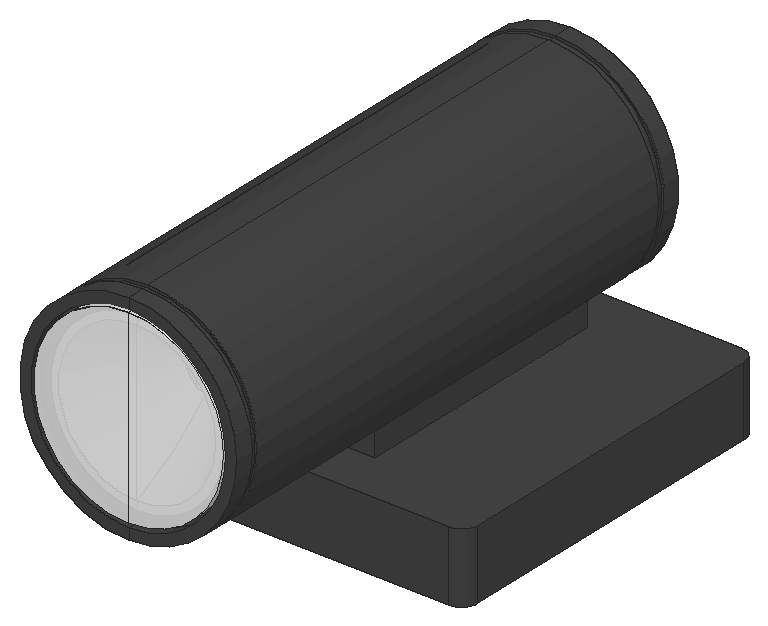
Revit family "AFX-Beverly-Outdoor_Sconce-1", category Lighting Fixtures, host Face, Revit 2021
Family settings
  Host = Face
  Round Connector Dimension = Use Diameter
  Part Type = Normal
  Cut with Voids When Loaded = No
  Light Source = Yes
  Shared = No
  Room Calculation Point = No
Parameters (values of type "BVYW0406LAJUDBK")
  Width = 4 1/8"
  Wattage Comments = "10w"
  Wattage = 9.2903 W
  built-in parameter 1150110 = 1 (stored number, unit not read)
  Voltage = 120 V
  URL = "https://www.afxinc.com/"
  Type Comments = "Beverly"  # constant formula
  built-in parameter 1114217 = 1 (stored number, unit not read)
  Tilt Angle = -90.00°
  built-in parameter 1150109 = 1 (stored number, unit not read)
  built-in parameter 1150134 = 3
  Sustainability = "https://lamprecycle.org/en/"
  built-in parameter 1150113 = 1 (stored number, unit not read)
  Screen Finish [instance] = AFX - Acrylic
  Revit Model Built By = "https://www.servex-us.com/servex-revit/"
  Product Documentation Link = "https://www.afxinc.com/products/productDetail.cfm?productID=2408"
  Power Factor = 1
  Photometric Web File = "BVYW0406LAJUDBK_3000K_IES.IES"
  built-in parameter 1150142 = "IESNA:LM-63-2002\r\n[TEST] LCZP23110085\r\n[TESTLAB] LCTECH 231117106001\r\n[TESTDATE] 2023/11/23\r\n[ISSUEDATE] 2023/11/23\r\n[MANUFAC] AFX\r\n[LUMCAT] BVYW0406LAJUD**\r\n[LUMINAIRE] LED µÆ??\r\n[LAMPCAT] \r\n[LAMP] \r\n[LumELE] 120 0.084 9.87 0.9757\r\nTILT=NONE\r\n1 651.07 1 37 7 1 2 -0.045 -0.045 0\r\n1 1 9.87\r\n0.00 5.00 10.00 15.00 20.00 25.00 30.00 35.00 40.00 45.00 50.00 55.00 60.00 65.00 70.00 75.00 80.00 85.00 90.00 95.00 100.00 105.00 110.00 115.00 120.00 125.00 130.00 135.00 140.00 145.00 150.00 155.00 160.00 165.00 170.00 175.00 180.00\r\n0.00 15.00 30.00 45.00 60.00 75.00 90.00\r\n955.087 905.702 791.073 650.619 536.897 430.423 330.746 221.555 110.551 43.949 14.045 9.515 7.702 4.984 4.531 3.172 2.265 0.906 0.00 0.00 0.00 0.00 0.00 0.00 0.00 0.00 0.00 0.00 0.00 0.906 0.906 1.359 2.265 2.265 2.265 2.718 1.346\r\n955.087 904.973 786.869 649.592 532.631 428.764 327.609 220.359 110.175 42.667 13.548 9.259 6.55 5.195 4.291 3.388 2.258 0.903 0.00 0.00 0.00 0.00 0.00 0.00 0.00 0.00 0.00 0.00 0.00 0.903 0.903 1.355 2.258 2.258 2.484 2.709 1.346\r\n955.087 905.866 756.823 646.954 531.507 429.404 330.008 219.094 106.379 40.422 13.331 9.49 7.006 5.199 4.293 3.392 2.034 0.679 0.00 0.00 0.00 0.00 0.00 0.00 0.00 0.00 0.00 0.00 0.00 0.679 0.904 1.355 2.259 2.259 2.259 2.711 1.346\r\n955.087 903.803 786.093 647.443 529.28 429.138 307.044 214.424 103.269 35.767 13.053 9.228 6.754 5.404 4.277 3.601 2.027 0.90 0.00 0.00 0.00 0.00 0.00 0.00 0.00 0.00 0.00 0.00 0.00 0.90 0.90 1.35 2.251 2.251 2.251 2.701 1.346\r\n955.087 901.934 781.431 645.634 528.02 433.084 330.09 216.728 105.894 31.844 11.889 8.98 6.287 4.715 4.043 3.368 1.795 0.675 0.00 0.00 0.00 0.00 0.00 0.00 0.00 0.00 0.00 0.00 0.00 0.672 0.898 1.347 2.244 2.244 2.244 2.693 1.346\r\n955.087 901.13 780.031 644.489 531.618 434.436 330.327 219.063 106.558 27.898 12.51 8.71 6.035 4.474 4.247 3.128 1.567 0.447 0.00 0.00 0.00 0.00 0.00 0.00 0.00 0.00 0.00 0.00 0.00 0.667 1.114 1.34 2.234 2.234 2.234 2.681 1.346\r\n955.087 902.027 769.595 634.532 528.411 436.323 333.71 223.643 101.736 26.749 12.278 8.332 5.701 4.385 3.947 3.07 1.754 0.439 0.00 0.00 0.00 0.00 0.00 0.00 0.00 0.00 0.00 0.00 0.00 0.877 0.877 1.316 2.193 2.193 2.193 2.631 1.346\r\n"
  Model = "BVYW0406LAJUDBK"
  Manufacturer = "AFX Inc"  # constant formula
  built-in parameter 1150105 = 109.82 (stored number, unit not read)
  Lumens = 1380 lm
  built-in parameter 1150115 = 1 (stored number, unit not read)
  built-in parameter 1150137 = (empty or 0)
  built-in parameter 1150139 = (empty or 0)
  built-in parameter 1150112 = 1 (stored number, unit not read)
  built-in parameter 1150114 = 1 (stored number, unit not read)
  Keynote = "12500"  # constant formula
  built-in parameter 1150132 = (empty or 0)
  built-in parameter 1150102 = (empty or 0)
  built-in parameter 1150107 = 3200 (stored number, unit not read)
  built-in parameter 1150138 = (empty or 0)
  built-in parameter 1150106 = 1.0982 (stored number, unit not read)
  Housing Finish = AFX - Paint Finish Black
  Height = 6 1/4"
  H-F = if(and(Height = 6 1/4"), 4 1/4", 4 7/8")  # 4 1/4"
  H-B = if(and(Height = 6 1/4"), 2", 5 1/8")  # 2"
  Emit from Circle Diameter = 2"
  Emit Shape Visible in Rendering = no
  built-in parameter 1150104 = 13.8 (stored number, unit not read)
  Distance-L = if(and(Height = 6 1/4"), 3 13/16", 0")  # 3 13/16"
  Dimming Lamp Color Temperature Shift = <None>
  Diffuser Finish [instance] = AFX - Aluminum
  Description = "LED Outdoor Sconce  - 4 1/8\"W x 3 1/2\"D x 6 1/4\"H"
  Depth = 3 1/2"
  Default Elevation = 48"
  Colour Rendering Index = "90"
  Color Filter = 16777215
  Body Finish [instance] = AFX - Paint Finish Black
  built-in parameter 1114218 = 1 (stored number, unit not read)
  built-in parameter 1150133 = 10 (stored number, unit not read)
  Assembly Code = "D5020200"
  Apparent Load = 0 VA
Types (2): name | Wattage Comments | Product Documentation Link | Photometric Web File | built-in parameter 1150142 | Model | Height | H-F | H-B | Distance-L | Description
  BVYW0406LAJUDBK | "10w" | "https://www.afxinc.com/products/productDetail.cfm?productID=2408" | "BVYW0406LAJUDBK_3000K_IES.IES" | "IESNA:LM-63-2002\r\n[TEST] LCZP23110085\r\n[TESTLAB] LCTECH 231117106001\r\n[TESTDATE] 2023/11/23\r\n[ISSUEDATE] 2023/11/23\r\n[MANUFAC] AFX\r\n[LUMCAT] BVYW0406LAJUD**\r\n[LUMINAIRE] LED µÆ??\r\n[LAMPCAT] \r\n[LAMP] \r\n[LumELE] 120 0.084 9.87 0.9757\r\nTILT=NONE\r\n1 651.07 1 37 7 1 2 -0.045 -0.045 0\r\n1 1 9.87\r\n0.00 5.00 10.00 15.00 20.00 25.00 30.00 35.00 40.00 45.00 50.00 55.00 60.00 65.00 70.00 75.00 80.00 85.00 90.00 95.00 100.00 105.00 110.00 115.00 120.00 125.00 130.00 135.00 140.00 145.00 150.00 155.00 160.00 165.00 170.00 175.00 180.00\r\n0.00 15.00 30.00 45.00 60.00 75.00 90.00\r\n955.087 905.702 791.073 650.619 536.897 430.423 330.746 221.555 110.551 43.949 14.045 9.515 7.702 4.984 4.531 3.172 2.265 0.906 0.00 0.00 0.00 0.00 0.00 0.00 0.00 0.00 0.00 0.00 0.00 0.906 0.906 1.359 2.265 2.265 2.265 2.718 1.346\r\n955.087 904.973 786.869 649.592 532.631 428.764 327.609 220.359 110.175 42.667 13.548 9.259 6.55 5.195 4.291 3.388 2.258 0.903 0.00 0.00 0.00 0.00 0.00 0.00 0.00 0.00 0.00 0.00 0.00 0.903 0.903 1.355 2.258 2.258 2.484 2.709 1.346\r\n955.087 905.866 756.823 646.954 531.507 429.404 330.008 219.094 106.379 40.422 13.331 9.49 7.006 5.199 4.293 3.392 2.034 0.679 0.00 0.00 0.00 0.00 0.00 0.00 0.00 0.00 0.00 0.00 0.00 0.679 0.904 1.355 2.259 2.259 2.259 2.711 1.346\r\n955.087 903.803 786.093 647.443 529.28 429.138 307.044 214.424 103.269 35.767 13.053 9.228 6.754 5.404 4.277 3.601 2.027 0.90 0.00 0.00 0.00 0.00 0.00 0.00 0.00 0.00 0.00 0.00 0.00 0.90 0.90 1.35 2.251 2.251 2.251 2.701 1.346\r\n955.087 901.934 781.431 645.634 528.02 433.084 330.09 216.728 105.894 31.844 11.889 8.98 6.287 4.715 4.043 3.368 1.795 0.675 0.00 0.00 0.00 0.00 0.00 0.00 0.00 0.00 0.00 0.00 0.00 0.672 0.898 1.347 2.244 2.244 2.244 2.693 1.346\r\n955.087 901.13 780.031 644.489 531.618 434.436 330.327 219.063 106.558 27.898 12.51 8.71 6.035 4.474 4.247 3.128 1.567 0.447 0.00 0.00 0.00 0.00 0.00 0.00 0.00 0.00 0.00 0.00 0.00 0.667 1.114 1.34 2.234 2.234 2.234 2.681 1.346\r\n955.087 902.027 769.595 634.532 528.411 436.323 333.71 223.643 101.736 26.749 12.278 8.332 5.701 4.385 3.947 3.07 1.754 0.439 0.00 0.00 0.00 0.00 0.00 0.00 0.00 0.00 0.00 0.00 0.00 0.877 0.877 1.316 2.193 2.193 2.193 2.631 1.346\r\n" | "BVYW0406LAJUDBK" | 6 1/4" | 4 1/4" | 2" | 3 13/16" | "LED Outdoor Sconce  - 4 1/8\"W x 3 1/2\"D x 6 1/4\"H"
  BVYW0410LAJUDBK | "20w" | "https://www.afxinc.com/products/productDetail.cfm?productID=2411" | "BVYW0410LAJUDSN3000K_IES.IES" | "IESNA:LM-63-2002\r\n[TEST] LCZP23110086\r\n[TESTLAB] LCTECH 231117106002\r\n[TESTDATE] 2023/11/23\r\n[ISSUEDATE] 2023/11/23\r\n[MANUFAC] AFX\r\n[LUMCAT] BVYW0410LAJUD**\r\n[LUMINAIRE] LED µÆ??\r\n[LAMPCAT] \r\n[LAMP] \r\n[LumELE] 119.98 0.153 18.14 0.9901\r\nTILT=NONE\r\n1 1236.05 1 37 7 1 2 -0.045 -0.045 0\r\n1 1 18.14\r\n0.00 5.00 10.00 15.00 20.00 25.00 30.00 35.00 40.00 45.00 50.00 55.00 60.00 65.00 70.00 75.00 80.00 85.00 90.00 95.00 100.00 105.00 110.00 115.00 120.00 125.00 130.00 135.00 140.00 145.00 150.00 155.00 160.00 165.00 170.00 175.00 180.00\r\n0.00 15.00 30.00 45.00 60.00 75.00 90.00\r\n867.587 818.324 706.568 589.795 493.092 410.53 318.389 221.23 114.492 46.527 20.07 15.965 12.316 8.211 6.386 4.561 2.281 0.912 0.00 0.912 2.281 4.561 6.386 8.211 12.316 15.965 20.07 46.527 114.492 221.23 318.389 410.53 493.092 589.795 706.568 818.324 \r\n868.095\r\n867.587 814.799 705.349 589.28 491.659 407.00 317.293 217.625 132.175 45.976 19.807 15.251 11.61 8.194 6.144 4.552 2.728 0.91 0.00 0.91 2.735 4.552 6.147 8.194 11.606 15.248 19.797 45.976 131.848 217.558 317.273 406.919 491.599 589.264 705.353 814.86 \r\n868.095\r\n867.587 815.325 703.031 583.672 504.708 402.554 315.38 214.12 107.862 43.93 19.35 15.024 10.928 7.967 6.147 4.551 2.73 0.91 0.00 0.91 2.73 4.551 6.14 7.96 10.914 15.01 19.329 43.895 107.834 214.086 315.325 402.436 504.147 583.541 703.086 815.588 868.095\r\n867.587 796.775 681.631 565.154 478.183 394.087 304.213 205.244 102.739 40.175 18.419 14.202 10.429 7.767 5.769 4.438 2.663 0.888 0.00 0.888 2.663 4.438 5.769 7.766 10.428 14.20 18.415 40.149 102.731 205.254 304.212 394.069 478.166 565.157 681.665 796.844\r\n 868.095\r\n867.587 811.302 690.072 575.196 468.906 404.998 308.612 211.067 106.802 38.747 18.502 14.209 10.818 7.891 6.086 4.281 2.708 0.903 0.00 0.903 2.708 4.293 6.098 7.903 10.842 14.221 18.502 38.418 106.643 211.311 308.71 405.011 469.711 575.513 690.779 812.326\r\n 868.095\r\n867.587 806.099 690.375 578.182 485.872 402.94 311.889 206.992 103.22 35.80 18.161 14.109 9.855 7.626 6.049 4.254 2.692 0.897 0.00 0.897 2.692 4.269 6.063 7.626 9.883 14.152 18.175 35.527 103.134 207.509 312.105 403.184 486.231 578.742 691.294 807.493 \r\n868.095\r\n867.587 799.86 675.981 563.675 478.373 396.93 305.627 208.752 99.447 27.434 17.575 13.717 10.288 7.287 6.001 4.715 2.572 0.429 0.00 0.429 2.572 4.715 6.001 7.287 10.288 13.717 17.575 27.434 99.447 208.752 305.627 396.93 478.373 563.675 675.981 799.86 \r\n868.095\r\n" | "BVYW0410LAJUDBK" | 10" | 4 7/8" | 5 1/8" | 0" | "LED Outdoor Sconce  - 4 1/8\"W x 3 1/2\"D x 10\"H"
Reference planes (in)
  plane 1 "Center (Front/Back)": y = 0
  plane 2: z = 0
  plane 3 "Center (Left/Right)": x = 0
  plane 4: x = 2.06693
  plane 5: z = 0.7874
  plane 6: y = -4.25
  plane 7: y = 2
  plane 8: z = 2.18504
  plane 9: z = 3.41535
  plane 10: x = -2.06693
Forms (in)
  Revolve 1, solid, material "AFX - Paint Finish Black" <- "Body Finish"
    sketch origin (0, 35.26772, 2.18504) x (0, 0, 1) y (0, -1, 0)
      loop
        line (-1.23031, 33.56299) -> (-1.17402, 33.56299) -> (-1.17402, 39.18848) -> (-1.06209, 39.18848) -> (-1.06209, 39.33892) -> (-0.98381, 39.33892) -> (-0.98381, 39.39173) -> (-1.104, 39.39173) -> (-1.104, 39.51772) -> (-1.23031, 39.51772) -> (-1.23031, 39.31299) -> (-1.19906, 39.31299)
        arc (-1.19906, 39.31299) -> (-1.22137, 39.27585) -> (-1.19906, 39.23871) r 0.04208
        line (-1.19906, 39.23871) -> (-1.23031, 39.23871) -> (-1.23031, 33.56299)
      axis (0, 39.51772) -> (0, 33.56299)
    angle from 0 to 360
  Revolve 2, solid, material "AFX - Paint Finish Black" <- "Body Finish"
    sketch origin (0, 35.26772, 2.18504) x (0, 0, 1) y (0, -1, 0)
      loop
        line (-1.1436, 38.53005) -> (-1.1436, 38.21509) -> (0, 38.21509) -> (0, 38.38044) -> (-0.43307, 38.38044) -> (-0.43307, 38.26233) -> (-1.09474, 38.26233) -> (-1.09474, 38.53005) -> (-1.1436, 38.53005)
      axis (0, 38.53005) -> (0, 38.21509)
    angle from 0 to 360
  Revolve 3, solid, material "AFX - Acrylic" <- "Screen Finish"
    sketch origin (0, 35.26772, 2.18504) x (0, 0, 1) y (0, -1, 0)
      loop
        line (-1.07283, 39.39173) -> (0, 39.39173) -> (0, 39.50984) -> (-1.07283, 39.50984) -> (-1.07283, 39.39173)
      axis (0, 39.50984) -> (0, 39.39173)
    angle from 0 to 360
  Extrusion 4, solid, material "AFX - Paint Finish Black" <- "Housing Finish"
    sketch origin (0, 0, 0) x (1, 0, 0) y (0, 1, 0)
      loop
        arc (-1.8789, 2.06693) -> (-2.01186, 2.01186) -> (-2.06693, 1.8789) r 0.18803
        line (-2.06693, 1.8789) -> (-2.06693, -1.87943)
        arc (-2.06693, -1.87943) -> (-2.01201, -2.01201) -> (-1.87943, -2.06693) r 0.1875
        line (-1.87943, -2.06693) -> (1.87943, -2.06693)
        arc (1.87943, -2.06693) -> (2.01201, -2.01201) -> (2.06693, -1.87943) r 0.1875
        line (2.06693, -1.87943) -> (2.06693, 1.87943)
        arc (2.06693, 1.87943) -> (2.01201, 2.01201) -> (1.87943, 2.06693) r 0.1875
        line (1.87943, 2.06693) -> (-1.8789, 2.06693)
    from 0 to 0.7874
  Revolve 5, solid, material "AFX - Aluminum" <- "Diffuser Finish"
    sketch origin (0, -0.03399, 0) x (0, 1, 0) y (0, 0, 1)
      loop
        line (-4.09003, 1.20123) -> (-4.03885, 1.20123) -> (-4.03885, 1.25983)
        arc (-4.03885, 1.25983) -> (-3.52502, 1.54603) -> (-3.07874, 1.92912) r 2.92864
        line (-3.07874, 1.92912) -> (-3.07874, 1.96585) -> (-3.11486, 1.96585)
        arc (-3.11486, 1.96585) -> (-3.56889, 1.58084) -> (-4.09003, 1.29309) r 2.99909
        line (-4.09003, 1.29309) -> (-4.09003, 1.20123)
      axis (-4.09003, 2.18504) -> (-3.07874, 2.18504)
    angle from 0 to 360
  Extrusion 6, solid, material "AFX - Paint Finish Black" <- "Housing Finish"
    sketch origin (0, 0, 0) x (1, 0, 0) y (0, 0, 1)
      loop
        line (-0.59055, 0.7874) -> (0.59055, 0.7874) -> (0.59055, 1.05478)
        arc (0.59055, 1.05478) -> (0.57594, 1.08104) -> (0.54593, 1.08248) r 0.03091
        arc (0.54593, 1.08248) -> (0.00027, 0.95472) -> (-0.54545, 1.08224) r 1.23031
        arc (-0.54545, 1.08224) -> (-0.57579, 1.08078) -> (-0.59055, 1.05423) r 0.03125
        line (-0.59055, 1.05423) -> (-0.59055, 0.7874)
    from -1.49606 to 1.49606
Lines and regions (in)
  symbolic lines
    curve 1: circle (0, 0, 2.18504) r 1.23031 normal (0, -1, 0)
    curve 2: line (-2.06693, 0, 0.7874) -> (2.06693, 0, 0.7874)
    curve 3: line (-2.06693, 0, 0) -> (-2.06693, 0, 0.7874)
    curve 4: line (2.06693, 0, 0) -> (-2.06693, 0, 0)
    curve 5: line (2.06693, 0, 0.7874) -> (2.06693, 0, 0)
    curve 6: line (-0.59055, 0, 1.05423) -> (-0.59055, 0, 0.7874)
    curve 7: line (0.59055, 0, 0.7874) -> (0.59055, 0, 1.05478)
    curve 8: arc (0.59055, 0, 1.05478) -> (0.57594, 0, 1.08104) -> (0.54593, 0, 1.08248) r 0.03091
    curve 9: arc (-0.54545, 0, 1.08224) -> (-0.57579, 0, 1.08078) -> (-0.59055, 0, 1.05423) r 0.03125
Dimensions and locks (in)
  plane 9 to plane 2 = 3.41535"
  plane 8 to plane 5 to plane 2 = 1.39764" locked, 0.7874" locked
  Revolve 1 sketch curve to Revolve 1 sketch curve to Revolve 1 sketch curve to Revolve 1 sketch curve to plane 6 = 0.08737" locked, 0.06306" locked, 0.05282" locked, 0.12598" locked
  Revolve 1 sketch curve to Revolve 1 sketch curve to Revolve 1 sketch curve to Revolve 1 sketch curve to Revolve 1 sketch curve to Revolve 1 sketch curve to plane 8 = 0.05102" locked, 0.00527" locked, 0.07001" locked, 0.04192" locked, 0.07828" locked, 0.98381" locked
  locked: plane 8 to Revolve 3 sketch curve at 1.07283
  Revolve 3 sketch curve to Revolve 3 sketch curve to plane 6 = 0.11811" locked, 0.00787" locked
  plane 8 to Revolve 2 sketch curve to Revolve 2 sketch curve to Revolve 2 sketch curve = 0.43307" locked, 0.66167" locked, 0.04886" locked
  Revolve 2 sketch curve to Revolve 2 sketch curve to Revolve 2 sketch curve to Revolve 2 sketch curve to plane 6 = 0.04724" locked, 0.11811" locked, 0.14961" locked, 0.98767" locked
  Revolve 5 sketch curve to Revolve 5 sketch curve to Revolve 5 sketch curve to plane 6 to Revolve 5 sketch curve to Revolve 5 sketch curve = 0.96011" locked, 0.05118" locked, 0.12598" locked, 0.98379" locked, 0.07215" locked
  Revolve 5 sketch curve to Revolve 5 sketch curve to plane 8 to Revolve 5 sketch curve to Revolve 5 sketch curve = 0.10094" locked, 1.76348" locked, 0.21919" locked, 0.76462" locked
  "H-B": plane 7 to plane 1 "Center (Front/Back)"
  "H-F": plane 1 "Center (Front/Back)" to plane 6
  locked: Extrusion 4 sketch curve to plane 1 "Center (Front/Back)" at 1.87943  (x2)
  locked: plane 1 "Center (Front/Back)" to Extrusion 4 sketch curve at 1.8789
  locked: plane 1 "Center (Front/Back)" to Extrusion 4 sketch curve at 1.87943
  locked: Extrusion 4 sketch curve to plane 3 "Center (Left/Right)" at 1.8789
  locked: plane 3 "Center (Left/Right)" to Extrusion 4 sketch curve at 1.87943  (x2)
  locked: Extrusion 4 sketch curve to plane 3 "Center (Left/Right)" at 1.87943
  locked: plane 3 "Center (Left/Right)" to Extrusion 6 sketch curve at 0.5593
  locked: Extrusion 6 sketch curve to plane 3 "Center (Left/Right)" at 0.55964
  locked: Extrusion 6 sketch curve to plane 5 at 0.26683
  locked: Extrusion 6 sketch curve to plane 5 at 0.26738
  locked: Extrusion 6 to plane 1 "Center (Front/Back)" at 1.49606
  locked: plane 1 "Center (Front/Back)" to Extrusion 6 at 1.49606
  "Distance-L": plane 1 "Center (Front/Back)" to imposter light
  locked: plane 7 to Revolve 1 sketch curve at 0.29528
  aligned and locked: plane 2 to host face
  aligned and locked: level to host face
  aligned and locked: plane 5 to Extrusion 4
  aligned and locked: Extrusion 4 to plane 2
  aligned and locked: Extrusion 6 sketch curve to plane 5
  aligned and locked: plane 3 "Center (Left/Right)" to Extrusion 6 sketch curve
  aligned and locked: plane 8 to Extrusion 6 sketch curve
  aligned and locked: imposter light to plane 8
  aligned and locked: plane 10 to curve 3
  aligned and locked: plane 4 to curve 5
  aligned and locked: curve 2 to plane 5
  aligned and locked: plane 2 to curve 4
  aligned and locked: curve 7 to Extrusion 6
  aligned and locked: curve 8 to Extrusion 6
  aligned and locked: curve 9 to Extrusion 6
  aligned and locked: nested 1 to plane 7
  aligned and locked: plane 8 to nested 1
Automatic sketch dimensions
  host sketch curve to host sketch curve = 96"  (x2)
  Revolve 2 sketch curve to plane 8 = 0"  (x2)
  Revolve 2 sketch curve to Revolve 2 sketch curve = 0.77299"
  plane 6 to Revolve 2 sketch curve = 0.67438"
  Revolve 3 sketch curve to plane 8 = 0"  (x2)
  Revolve 3 sketch curve to Revolve 3 sketch curve = 0.38686"
  plane 6 to Revolve 3 sketch curve = 0.41213"
  Extrusion 4 sketch curve to plane 4 = 0"
  Revolve 5 sketch curve to plane 8 = 0"
  Revolve 5 sketch curve to Revolve 5 sketch curve = 0.03612"
  Revolve 5 sketch curve to Revolve 5 sketch curve = 15/256"
  plane 6 to Revolve 5 sketch curve = 1"
  Revolve 5 sketch curve to Revolve 5 sketch curve = 1.28489"
  Extrusion 6 sketch curve to Extrusion 6 sketch curve = 1/32"
  Extrusion 6 sketch curve to Extrusion 6 sketch curve = 0.03091"
  Extrusion 6 sketch curve to Extrusion 6 sketch curve = 0"
  curve 1 to plane 3 "Center (Left/Right)" = 0"
  curve 8 to curve 8 = 0.01372"
  curve 9 to curve 9 = 0.01385"
  Revolve 1 sketch curve to plane 8 = 0"
  Revolve 1 sketch curve to plane 6 = 0"
  Revolve 1 sketch curve to Revolve 1 sketch curve = 1/32"  (x2)
  Revolve 1 sketch curve to Revolve 1 sketch curve = 0.03714"
  plane 6 to Revolve 1 sketch curve = 0.90167"
  Revolve 1 sketch curve to plane 7 = 1.17572"
  Revolve 1 sketch curve to Revolve 1 sketch curve = 0.0563"
Nested families (in)
  nested 1: "Light" at (0, 2, 2.18504) x (-1, 0, 0) z (0, 0, 1), Body Finish <- "Body Finish", Diffuser Finish <- "Diffuser Finish", Screen Finish <- "Screen Finish", Height <- "Height", type "Light"
    with Screen Finish AFX - Acrylic, S-L yes, Height 6 1/4", Diffuser Finish AFX - Aluminum, D-L no, Body Finish AFX - Paint Finish Black
Connectors (in)
  electrical at (0.00007, -0.00007, 0), driven by "Voltage", driven by "Apparent Load", driven by "Power Factor"
    settings: on Extrusion 4, index 1, voltage 120 V, apparent load 0 VA, apparent load phase1 0 VA, apparent load phase2 0 VA, apparent load phase3 0 VA, power factor 1, load classification "Lighting", number of poles 1, system type 31, power factor state 1, is connector primary yes, connector utility no, sub classification motor no, connector description ""
Definition of nested family "Light"
  Parameters (values of type "Light")
    Screen Finish [instance] = none
    S-L [instance] = and(Height = 6 1/4")  # no
    Height [instance] = 10"
    Diffuser Finish [instance] = none
    Default Elevation = 0"
    D-L [instance] = and(Height = 10")  # yes
    Body Finish [instance] = none
  Reference planes (in)
    plane 1 "Center (Front/Back)": y = 0
    plane 2: z = 0
    plane 3 "Center (Left/Right)": x = 0
  Forms (in)
    Revolve 1, solid, material <- "Body Finish", visible <- "D-L"
      sketch origin (0, 40.14272, 0) x (0, 0, 1) y (0, -1, 0)
        loop
          line (-1.23031, 39.93799) -> (-1.19906, 39.93799)
          arc (-1.19906, 39.93799) -> (-1.21987, 39.89272) -> (-1.19906, 39.84744) r 0.05967
          line (-1.19906, 39.84744) -> (-1.06209, 39.84744) -> (-1.06209, 39.96392) -> (-0.98381, 39.96392) -> (-0.98381, 40.01673) -> (-1.104, 40.01673) -> (-1.104, 40.14272) -> (-1.23031, 40.14272) -> (-1.23031, 39.93799)
        axis (0, 40.14272) -> (0, 39.84744)
      angle from 0 to 360
    Revolve 2, solid, material <- "Body Finish", visible <- "D-L"
      sketch origin (0, 40.14272, 0) x (0, 0, 1) y (0, -1, 0)
        loop
          line (-1.1436, 39.15505) -> (-1.1436, 38.84009) -> (0, 38.84009) -> (0, 39.00544) -> (-0.43307, 39.00544) -> (-0.43307, 38.88733) -> (-1.09474, 38.88733) -> (-1.09474, 39.15505) -> (-1.1436, 39.15505)
        axis (0, 39.15505) -> (0, 38.84009)
      angle from 0 to 360
    Revolve 3, solid, material <- "Screen Finish", visible <- "D-L"
      sketch origin (0, 40.14272, 0) x (0, 0, 1) y (0, -1, 0)
        loop
          line (-1.07283, 40.01673) -> (0, 40.01673) -> (0, 40.13484) -> (-1.07283, 40.13484) -> (-1.07283, 40.01673)
        axis (0, 40.13484) -> (0, 40.01673)
      angle from 0 to 360
    Revolve 4, solid, material <- "Diffuser Finish", visible <- "D-L"
      sketch origin (0, 4.84101, -2.18504) x (0, 1, 0) y (0, 0, 1)
        loop
          line (-4.71503, 1.20123) -> (-4.66385, 1.20123) -> (-4.66385, 1.25983)
          arc (-4.66385, 1.25983) -> (-4.15002, 1.54603) -> (-3.70374, 1.92912) r 2.92864
          line (-3.70374, 1.92912) -> (-3.70374, 1.96585) -> (-3.73986, 1.96585)
          arc (-3.73986, 1.96585) -> (-4.19389, 1.58084) -> (-4.71503, 1.29309) r 2.99909
          line (-4.71503, 1.29309) -> (-4.71503, 1.20123)
        axis (-4.71503, 2.18504) -> (-3.70374, 2.18504)
      angle from 0 to 360
    Revolve 5, solid, material <- "Body Finish", visible <- "S-L"
      sketch origin (0, -30.14272, 0) x (0, 0, -1) y (0, 1, 0)
        loop
          line (0, 30.14272) -> (0, 30.43799) -> (-1.19906, 30.43799)
          arc (-1.19906, 30.43799) -> (-1.21992, 30.39272) -> (-1.19906, 30.34744) r 0.05957
          line (-1.19906, 30.34744) -> (-1.23031, 30.34744) -> (-1.23031, 30.14272) -> (0, 30.14272)
        axis (0, 30.43799) -> (0, 30.14272)
      angle from 0 to 360
  Dimensions and locks (in)
    locked: Revolve 3 sketch curve to Revolve 3 sketch curve at 0.11811
    Revolve 2 sketch curve to Revolve 2 sketch curve to Revolve 2 sketch curve = 0.66167" locked, 0.04886" locked
    Revolve 2 sketch curve to Revolve 2 sketch curve to Revolve 2 sketch curve to Revolve 2 sketch curve = 0.04724" locked, 0.11811" locked, 0.14961" locked
    Revolve 4 sketch curve to Revolve 4 sketch curve to Revolve 4 sketch curve to Revolve 4 sketch curve to Revolve 4 sketch curve = 0.96011" locked, 0.05118" locked, 1.10978", 0.07215" locked
    Revolve 4 sketch curve to Revolve 4 sketch curve to Revolve 4 sketch curve to Revolve 4 sketch curve = 0.10094" locked, 1.98268", 0.76462" locked
    aligned and locked: plane 2 to level
